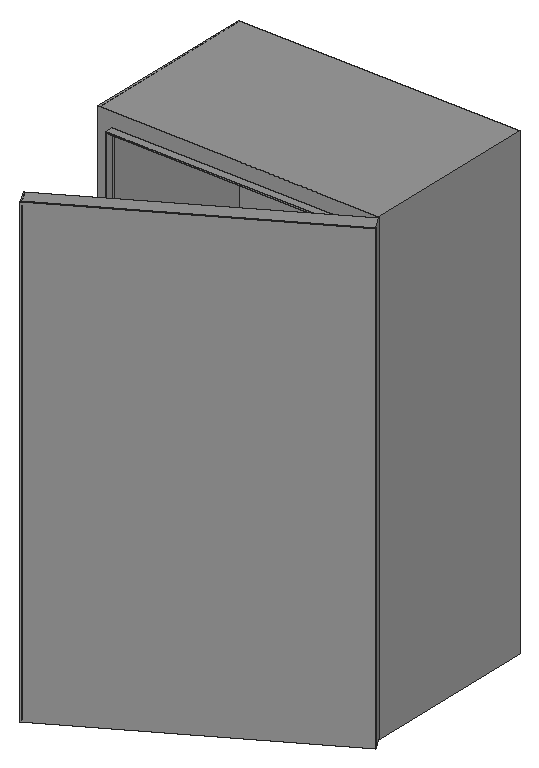
Revit family "Hager-Univers-IP44-D205-Cl.I-enclosure_metering-NoHosted-CH-de", category Equipement électrique, Revit 2020
Family settings
  Configuration du panneau = Deux colonnes, circuits au sein
  Cote de connecteur circulaire = Utiliser le diamètre
  Type d'élément = Tableau de raccordement
  Basée sur le plan de construction = Oui
  Toujours verticalement = Oui
  Couper avec des vides une fois chargée = Non
  Partagée = Non
  Point de calcul de pièce = Non
Parameters (values of type "Aufputz IP44 B300 H500 T205  - ZB011T")
  Width Control [instance] = if([EF000008 - Breite] > Min Width, [EF000008 - Breite], Min Width)  # 300 mm
  Commentaires du type = [HG000003 - Bereich]  # "Univers"
  Thickness Door [instance] = if([EF009171 - Materialstärke Tür/Deckel] > 3 mm, 3 mm, [EF009171 - Materialstärke Tür/Deckel])  # 1 mm
  Seal Frame Offset [instance] = 17 mm  # constant formula
  Plinth Visibility [instance] = [HG000027 - Sockelhöhe] > 0 mm  # no
  Min Width [instance] = 100 mm  # constant formula
  Min Depth [instance] = (2 * [EF009170 - Materialstärke Gehäuse]) + 1 mm  # 3 mm
  Min Height [instance] = 100 mm  # constant formula
  Internal Frame Depth [instance] = (Door System Depth * 0.5)  # 9 mm
  Panel Name [instance] = ""  # (empty or 0)
  Model = ""
  HG000027 - Sockelhöhe = 0 mm
  HG000026 - Stehend auf dem Boden = no
  HG000024 - Höhe des unteren Teils = 600 mm
  HG000023 - Gehäuse mit doppeltem Querschnitt = no
  HG000016 - 3D-Türsichtbarkeit [instance] = yes
  HG000015 - Sichtbarkeit der Türöffnung [instance] = no
  HG000014 - Tür rechts [instance] = yes
  HG000013 - Tür links [instance] = not([HG000014 - Tür rechts])  # no
  HG000012 - Türschwenkwinkel [instance] = 30.00°
  HG000010 - Asymmetrische Türen = no
  HG000009 - Doppelflügeligen Tür = no
  HG000006 - Unterputz = no
  HG000004 - Herstellerreferenz = "ZB011T"
  HG000003 - Bereich = "Univers"
  HG000002 - Mit tür = yes
  Frame Offset Bottom [instance] = 10 mm  # constant formula
  Frame Offset [instance] = 15 mm  # constant formula
  EF015940 - Deckel mit Überdruckentlastung = no
  EF011959 - Schutzart (NEMA) = ""
  EF009554 - Anzahl der Öffnungen für Flanschplatten = 0
  EF009212 - Ausführung Deckel = "EV000116 - geschlossen"
  EF009171 - Materialstärke Tür/Deckel = 1 mm
  EF009170 - Materialstärke Gehäuse = 1 mm
  EF008873 - Nennstrom (In) = 250 A
  EF007800 - Geeignet für Blitzschutz = no
  EF006306 - Mit Schloss = no
  EF006244 - Transparenter Deckel/Tür = no
  EF005474 - Schutzart (IP) = "EV006418 - IP44"
  EF004464 - Art der Tür = "EV002646 - Einzel"
  EF004427 - Anzahl der Module = 48
  EF004293 - Schlagfestigkeit = "EV006815 - IK09"
  EF003532 - Geeignet für Außengebrauch = no
  EF002950 - Breite in Teilungseinheiten = 0
  EF001613 - Funktionserhalt = "EV000494 - ohne"
  EF001596 - Werkstoff des Gehäuses = "EV000179 - Stahl"
  EF001131 - Innentiefe = 0 mm
  EF001088 - Anbaumöglichkeit = yes
  EF000437 - Anzahl der Leitungseinführungen = 0
  EF000339 - Art der Abdeckung = "EV004216 - Tür"
  EF000266 - Anzahl der Reihen = 4
  EF000218 - Einbautiefe = 0 mm
  EF000118 - Mit Montageplatte = no
  EF000116 - RAL-Nummer = "9010"
  EF000049 - Tiefe = 205 mm
  EF000040 - Höhe = 500 mm
  EF000008 - Breite = 300 mm
  EF000007 - Farbe = "EV000202 - weiß"
  EF000003 - Montageart = "EV000384 - Aufputz"
  Door System Leaf Tolerance [instance] = 1.5 mm  # constant formula
  Door System Depth [instance] = 18 mm  # constant formula
  Door Height [instance] = Height Control - [HG000027 - Sockelhöhe]  # 500 mm
  Description = ""
  Default Elevation = 1219.2 mm
  Connector Offset [instance] = Height Control / 2  # 250 mm
  Fabricant = "Hager"  # constant formula
  Height Control [instance] = if([EF000040 - Höhe] > Min Height, [EF000040 - Höhe], Min Height)  # 500 mm
  Depth Control [instance] = if([EF000049 - Tiefe] > Min Depth, [EF000049 - Tiefe], Min Depth)  # 205 mm
  Bottom Top Plate Trim [instance] = 1.5 mm  # constant formula
  Plinth height Ctrl [instance] = if([HG000027 - Sockelhöhe] > 0 mm, [HG000027 - Sockelhöhe], 12 mm)  # 12 mm
Types (3, lengths in mm): name | Width Control | HG000004 - Herstellerreferenz | EF004464 - Art der Tür | EF004427 - Anzahl der Module | EF000266 - Anzahl der Reihen | EF000008 - Breite
  Aufputz IP44 B1050 H500 T205  - ZB014T | 1050 | "ZB014T" | "EV003602 - Doppel" | 144 | 0 | 1050
  Aufputz IP44 B1300 H500 T205  - ZB015T | 1300 | "ZB015T" | "EV003602 - Doppel" | 180 | 0 | 1300
  Aufputz IP44 B300 H500 T205  - ZB011T | 300 | "ZB011T" | "EV002646 - Einzel" | 48 | 4 | 300
Reference planes
  plane 1 "Center (Front/Back)": y = 0
  plane 2: z = 0
  plane 3 "Center (Left/Right)": x = 0
  plane 4: y = 0
  plane 5: y = 0
  plane 6: z = 0
  plane 7: x = -150
  plane 8: x = 150
  plane 9: x = 149
  plane 10: x = -149
  plane 11: z = 0
  plane 12: z = 1
  plane 13: y = -205
  plane 14: y = -1
  plane 15: x = 0
  plane 16: y = -187
  plane 17: y = -204
  plane 18: y = -186
  plane 19: x = -134
  plane 20: x = 134
  plane 21: z = 11
  plane 22: x = -133
  plane 23: x = 133
  plane 24: z = 0
  plane 25: z = 500
  plane 26: z = 500
  plane 27: z = 484
  plane 28: z = 499
Forms (mm)
  Extrusion 1, solid, material "Hager_Steel_RAL7035_Light_Grey", detail levels medium+fine
    sketch origin (-208.679, -4572, 0) x (-1, 0, 0) y (0, -1, 0)
      loop
        line (-58.679, -4385) -> (-358.679, -4385) -> (-358.679, -4572) -> (-58.679, -4572) -> (-58.679, -4385)
    from 0 to 500
  Extrusion 2, void
    sketch origin (-350.771, -205, 1219.2) x (1, 0, 0) y (0, 0, 1)
      loop
        line (201.771, -720.2) -> (201.771, -1218.2) -> (499.771, -1218.2) -> (499.771, -720.2) -> (201.771, -720.2)
    from -19 to -204
  Extrusion 3, void
    sketch origin (-290.084, -187, 1219.2) x (1, 0, 0) y (0, 0, 1)
      loop
        line (156.084, -1208.2) -> (424.084, -1208.2) -> (424.084, -735.2) -> (156.084, -735.2) -> (156.084, -1208.2)
    from 0 to -1
  Extrusion 4, solid, material "Hager_Steel_RAL7035_Light_Grey", visible <- "Plinth Visibility", detail levels medium+fine
    sketch origin (0, 0, 0) x (1, 0, 0) y (0, 1, 0)
      loop
        line (-150, 0) -> (-150, -187) -> (150, -187) -> (150, 0) -> (-150, 0)
    from 0 to 12 <- "Plinth height Ctrl"
  Extrusion 5, solid, material "Hager_Steel_RAL7035_Light_Grey", detail levels coarse
    sketch origin (0, 0, 0) x (1, 0, 0) y (0, 1, 0)
      loop
        line (-150, 0) -> (-150, -205) -> (150, -205) -> (150, 0) -> (-150, 0)
    from 0 to 500 <- "Height Control"
  Sweep 6, void
    path in 3D
      loop
        line (-150, -187, 12) -> (150, -187, 12) -> (150, 0, 12) -> (-150, 0, 12) -> (-150, -187, 12)
    profile origin (-150, -93.5, 12) x (1, 0, 0) y (0, 0, 1)
      loop
        line (0, 0) -> (0, -1.5) -> (1.5, -1.5)
        arc (1.5, -1.5) -> (1.061, -0.439) -> (0, 0) r 1.5
  Extrusion 7, solid, material "Hager_Steel_RAL7035_Light_Grey", detail levels fine
    sketch origin (-150, -187, 0) x (1, 0, 0) y (0, 0, 1)
      loop
        line (16, 11) -> (284, 11) -> (284, 484) -> (16, 484) -> (16, 11)
      loop
        line (15, 10) -> (285, 10) -> (285, 485) -> (15, 485) -> (15, 10)
    from 0 to 9 <- "Internal Frame Depth"
Cuts and joins
  Extrusion 2, Extrusion 3 cuts Extrusion 1
  Sweep 6 cuts Extrusion 4
Lines and regions (mm)
  Masking region 1
    outline origin (0, 0, 0) x (1, 0, 0) y (0, 1, 0)
      loop
        line (-150, 0) -> (-150, -205) -> (150, -205) -> (150, 0) -> (-150, 0)
  Masking region 2, detail levels coarse
    outline origin (-290.084, -187, 1219.2) x (-1, 0, 0) y (0, 0, 1)
      loop
        line (-440.084, -1219.2) -> (-140.084, -1219.2) -> (-140.084, -719.2) -> (-440.084, -719.2) -> (-440.084, -1219.2)
  Masking region 3, detail levels coarse
    outline origin (0, 0, 0) x (0, 1, 0) y (0, 0, 1)
      loop
        line (0, 0) -> (0, 500) -> (-205, 500) -> (-205, 0) -> (0, 0)
  Masking region 4, visible <- "Plinth Visibility", detail levels medium+fine
    outline origin (0, 0, 0) x (0, 1, 0) y (0, 0, 1)
      loop
        line (-1.5, 12) -> (-185.5, 12)
        arc (-185.5, 12) -> (-185.939, 10.939) -> (-187, 10.5) r 1.5
        line (-187, 10.5) -> (-187, 0) -> (0, 0) -> (0, 10.5)
        arc (0, 10.5) -> (-1.061, 10.939) -> (-1.5, 12) r 1.5
  Masking region 5, detail levels medium+fine
    outline origin (0, 0, 594.038) x (0, 1, 0) y (0, 0, 1)
      loop
        line (0, -594.038) -> (0, -94.038) -> (-187, -94.038) -> (-187, -594.038) -> (0, -594.038)
  Masking region 6, detail levels medium+fine
    outline origin (-359.7, -187, 1211.883) x (-1, 0, 0) y (0, 0, 1)
      loop
        line (-509.7, -1211.883) -> (-209.7, -1211.883) -> (-209.7, -711.883) -> (-509.7, -711.883) -> (-509.7, -1211.883)
  Masking region 7, visible <- "Plinth Visibility", detail levels medium+fine
    outline origin (-320.334, -187, 1041.368) x (-1, 0, 0) y (0, 0, 1)
      loop
        line (-470.334, -1041.368) -> (-170.334, -1041.368) -> (-170.334, -1030.868)
        arc (-170.334, -1030.868) -> (-171.394, -1030.429) -> (-171.834, -1029.368) r 1.5
        line (-171.834, -1029.368) -> (-468.834, -1029.368)
        arc (-468.834, -1029.368) -> (-469.273, -1030.429) -> (-470.334, -1030.868) r 1.5
        line (-470.334, -1030.868) -> (-470.334, -1041.368)
  sketch lines
    curve 1: line (-150, 0, 12) -> (-150, -187, 12)
    curve 2: line (-150, -187, 12) -> (150, -187, 12)
    curve 3: line (150, 0, 12) -> (-150, 0, 12)
    curve 4: line (150, -187, 12) -> (150, 0, 12)
Dimensions and locks
  locked: plane 1 "Center (Front/Back)" to plane 5
  "EF009170 - Materialstärke Gehäuse": plane 7 to plane 10
  "EF009170 - Materialstärke Gehäuse": plane 8 to plane 9
  equal spacing: plane 7, plane 3 "Center (Left/Right)", plane 8
  "Width Control": plane 7 to plane 8
  "Depth Control": plane 4 to plane 13
  "EF009170 - Materialstärke Gehäuse": plane 4 to plane 14
  "Height Control": plane 25 to level
  "HG000027 - Sockelhöhe": plane 11 to level
  "EF009170 - Materialstärke Gehäuse": plane 12 to plane 11
  "EF009170 - Materialstärke Gehäuse": plane 17 to plane 13
  "EF009170 - Materialstärke Gehäuse": plane 18 to plane 16
  "Frame Offset Bottom": plane 21 to plane 12
  "Frame Offset": plane 10 to plane 19
  "Frame Offset": plane 9 to plane 20
  "Door System Depth": plane 16 to plane 13
  "Seal Frame Offset": plane 7 to plane 22
  "Seal Frame Offset": plane 8 to plane 23
  "EF009170 - Materialstärke Gehäuse": plane 26 to plane 28
  "Frame Offset": plane 28 to plane 27
  "Connector Offset": plane 2 to connector elem
  "Bottom Top Plate Trim": profile plane to Sweep 6 sketch curve
  "Bottom Top Plate Trim": Sweep 6 sketch curve to Sweep 6 sketch curve
  "Plinth height Ctrl": Masking region 4 sketch curve to level
  "Plinth height Ctrl": Masking region 7 sketch curve to level
  "Thickness Door": Extrusion 7 sketch curve to Extrusion 7 sketch curve  (x4)
  "Bottom Top Plate Trim": radius of Sweep 6 sketch curve
  "Bottom Top Plate Trim": radius of Masking region 4 sketch curve  (x2)
  "Bottom Top Plate Trim": radius of Masking region 7 sketch curve  (x2)
  aligned and locked: plane 12 to Extrusion 2 sketch curve
  aligned and locked: Extrusion 2 sketch curve to plane 9
  aligned and locked: Extrusion 2 sketch curve to plane 10
  aligned and locked: plane 14 to Extrusion 2
  aligned and locked: plane 4 to Extrusion 1 sketch curve
  aligned and locked: plane 8 to Extrusion 1 sketch curve
  aligned and locked: plane 7 to Extrusion 1 sketch curve
  aligned and locked: Extrusion 2 to plane 18
  aligned and locked: plane 19 to Extrusion 3 sketch curve
  aligned and locked: plane 20 to Extrusion 3 sketch curve
  aligned and locked: Extrusion 3 to Extrusion 2
  aligned and locked: Extrusion 3 sketch curve to plane 21
  aligned and locked: plane 3 "Center (Left/Right)" to nested 1
  aligned and locked: Extrusion 1 sketch curve to plane 16
  aligned and locked: Extrusion 4 sketch curve to cut or joined group of Extrusion 1, Extrusion 2, Extrusion 3
  aligned and locked: Masking region 1 sketch curve to plane 7
  aligned and locked: Masking region 1 sketch curve to plane 5
  aligned and locked: Masking region 1 sketch curve to plane 8
  aligned and locked: Masking region 2 sketch curve to level
  aligned and locked: level to Masking region 3 sketch curve
  aligned and locked: plane 1 "Center (Front/Back)" to Masking region 3 sketch curve
  aligned and locked: plane 13 to Masking region 3 sketch curve
  aligned and locked: plane 5 to Masking region 4 sketch curve
  aligned and locked: Masking region 2 sketch curve to plane 8
  aligned and locked: Masking region 2 sketch curve to plane 7
  aligned and locked: plane 7 to nested 2
  aligned and locked: nested 2 to plane 5
  aligned and locked: plane 5 to Masking region 5 sketch curve
  aligned and locked: plane 26 to Masking region 5 sketch curve
  aligned and locked: Extrusion 5 sketch curve to plane 8
  aligned and locked: Extrusion 5 sketch curve to plane 7
  aligned and locked: Extrusion 5 sketch curve to plane 5
  aligned and locked: plane 27 to Extrusion 3 sketch curve
  aligned and locked: Extrusion 2 sketch curve to plane 28
  aligned and locked: Masking region 2 to plane 25
  aligned and locked: Extrusion 4 to plane 16
  aligned and locked: profile plane to Sweep 6 sketch curve
  aligned and locked: Masking region 5 sketch curve to plane 24
  aligned and locked: level to Masking region 4 sketch curve
  aligned and locked: Masking region 1 to plane 13
  aligned and locked: nested 1 to plane 16
  aligned and locked: Masking region 3 to plane 25
  aligned and locked: plane 16 to Masking region 4 sketch curve
  aligned and locked: Masking region 5 sketch curve to plane 16
  aligned and locked: plane 24 to plane 11
  aligned and locked: plane 26 to plane 25
  aligned and locked: plane 26 to cut or joined group of Extrusion 1, Extrusion 2, Extrusion 3
  aligned and locked: nested 1 to plane 24
  aligned and locked: Extrusion 1 to Extrusion 3
  aligned and locked: Masking region 6 sketch curve to plane 8
  aligned and locked: plane 24 to Masking region 6 sketch curve
  aligned and locked: Masking region 6 sketch curve to plane 7
  aligned and locked: Masking region 6 sketch curve to plane 26
  aligned and locked: Masking region 7 sketch curve to plane 7
  aligned and locked: level to Masking region 7 sketch curve
  aligned and locked: Masking region 7 sketch curve to plane 8
  aligned and locked: Extrusion 7 sketch curve to cut or joined group of Extrusion 1, Extrusion 2, Extrusion 3  (x4)
Automatic sketch dimensions
  plane 19 to Extrusion 3 sketch curve = 0 mm
  Extrusion 3 sketch curve to plane 20 = 0 mm
  Extrusion 3 sketch curve to plane 21 = 0 mm
  Extrusion 4 sketch curve to plane 7 = 0 mm
  Extrusion 4 sketch curve to plane 8 = 0 mm
  Extrusion 4 sketch curve to plane 16 = 0 mm
  Masking region 1 sketch curve to plane 13 = 0 mm
  Masking region 2 sketch curve to plane 25 = 0 mm
  Masking region 3 sketch curve to plane 25 = 0 mm
  Extrusion 5 sketch curve to plane 13 = 0 mm
  profile plane to Sweep 6 sketch curve = 0 mm
Nested families
  nested 1: "EC000058_Univers_Door" at (0, -187, 0), Double <- "HG000009 - Doppelflügeligen Tür", Transparent <- "EF006244 - Transparenter Deckel/Tür", Angle <- "HG000012 - Türschwenkwinkel", Door_Right <- "HG000014 - Tür rechts", Assymetrical <- "HG000010 - Asymmetrische Türen", Door <- "HG000002 - Mit tür", Width_Ctrl <- "Width Control", 3d_Door <- "HG000016 - 3D-Türsichtbarkeit", Clearance <- "HG000015 - Sichtbarkeit der Türöffnung", Door_Left <- "HG000013 - Tür links", Width <- "Width Control", Door_Depth <- "Door System Depth", Leaf_Tolerance <- "Door System Leaf Tolerance", Height <- "Door Height", Lock_Visibility <- "EF006306 - Mit Schloss", Thickness <- "Thickness Door", type "EC000058_Univers_Door", detail levels medium+fine
    with min_wh 3 mm, Width_Ctrl 300 mm, Width 300 mm, Transparent no, Thickness 1 mm, Seal_Material Hager_Rubber, Lock_Visibility no, Lock_Material Hager_Plastic_RAL9005_Jet_Black, Leaf_Width 300 mm, Leaf_Tolerance_External_Sides 0 mm, Leaf_Tolerance 1.5 mm, Leaf_Offset 0 mm, Leaf_Height 497 mm, Leaf_2_Width 300 mm, Leaf_2_Offset 150 mm, Leaf_1_Width 300 mm, Leaf_1_Offset 150 mm, Height_Ctrl 500 mm, Height 500 mm, Glass_Material Hager_Glass, Double_Clearance_Ctrl no, Double no, Door_Right_Ctrl yes, Door_Right yes, Door_Material Hager_Steel_RAL7035_Light_Grey, Door_Left_Ctrl no, Door_Left no, Door_Depth 18 mm, Door yes, Clearance_Material Hager_Clearance, Clearance_Depth 300 mm, Clearance_Ctrl no, Clearance no, Assymetrical no, Angle 30.00°, 3d_Door yes
  nested 2: "Hager_Enclosure_Symbol" at (-150, 0, 0), Height <- "Depth Control", Width <- "Width Control", type "Hager_Enclosure_Symbol"
    with Width_Ctrl 300 mm, Width 300 mm, Height_Ctrl 205 mm, Height 205 mm, A_Width_Int 13.453 mm, A_Width 161.438 mm, A_Height_Ctrl 179.375 mm, A_Height 179.375 mm
Connectors
  electrical at (0, 0, 250)
    settings: on plane 1 "Center (Front/Back)", index 1, voltage 0 V, apparent load 0 VA, apparent load phase1 0 VA, apparent load phase2 0 VA, apparent load phase3 0 VA, power factor 1, load classification "Other", number of poles 1, system type 30, power factor state 1, is connector primary yes, connector utility no, sub classification motor no, connector description ""
Definition of nested family "EC000058_Univers_Door"
  Parameters (values of type "EC000058_Univers_Door")
    min_wh [instance] = (2 * Thickness) + 1 mm  # 11 mm
    Width_Ctrl [instance] = 400 mm
    Width [instance] = 500 mm
    Transparent [instance] = yes
    Thickness [instance] = 5 mm
    Seal_Material [instance] = none
    Lock_Visibility [instance] = yes
    Lock_Material [instance] = none
    Leaf_Width [instance] = if((Width_Ctrl - 2 * Leaf_Tolerance_External_Sides) > 0 mm, (Width_Ctrl - 2 * Leaf_Tolerance_External_Sides), min_wh)  # 400 mm
    Leaf_Tolerance_External_Sides [instance] = 0 mm  # constant formula
    Leaf_Tolerance [instance] = 1.5 mm
    Leaf_Offset [instance] = 0 mm  # constant formula
    Leaf_Height [instance] = if((Height_Ctrl - 2 * Leaf_Tolerance) > 0 mm, (Height_Ctrl - 2 * Leaf_Tolerance), min_wh)  # 497 mm
    Leaf_2_Width [instance] = if(and(and(Double, Assymetrical), Door_Left), (Leaf_Width / 3) - (Leaf_Tolerance / 2), if(and(and(Double, Assymetrical), Door_Right), (Leaf_Width / 3) * 2 - (Leaf_Tolerance / 2), if(and(Double, not(Assymetrical)), (Leaf_Width / 2) - Leaf_Tolerance, Leaf_Width)))  # 400 mm
    Leaf_2_Offset [instance] = if(and(Double, Assymetrical), Leaf_2_Width / 2, if(and(Double, not(Assymetrical)), Leaf_Width / 4, Leaf_Width / 2))  # 200 mm
    Leaf_1_Width [instance] = if(and(and(Double, Assymetrical), Door_Right), (Leaf_Width / 3) - (Leaf_Tolerance / 2), if(and(and(Double, Assymetrical), Door_Left), (Width / 3) * 2 - (Leaf_Tolerance / 2), if(and(Double, not(Assymetrical)), (Leaf_Width / 2) - Leaf_Tolerance, Leaf_Width)))  # 400 mm
    Leaf_1_Offset [instance] = if(and(Double, Assymetrical), Leaf_1_Width / 2, if(and(Double, not(Assymetrical)), Leaf_Width / 4, Leaf_Width / 2))  # 200 mm
    Height_Ctrl [instance] = if(Height > min_wh, Height, min_wh)  # 500 mm
    Height [instance] = 500 mm
    Glass_Material [instance] = none
    Double_Clearance_Ctrl [instance] = and(Double, Clearance)  # no
    Double [instance] = no
    Door_Right_Ctrl [instance] = and(or(Door_Right, Double), Door)  # yes
    Door_Right [instance] = yes
    Door_Material [instance] = none
    Door_Left_Ctrl [instance] = and(or(Door_Left, Double), Door)  # no
    Door_Left [instance] = no
    Door_Depth [instance] = 30 mm
    Door [instance] = yes
    Default Elevation = 1219.2 mm
    Clearance_Material [instance] = none
    Clearance_Depth [instance] = if(Leaf_1_Width > Leaf_2_Width, Leaf_1_Width, Leaf_2_Width)  # 400 mm
    Clearance_Ctrl [instance] = and(not(Double), Clearance)  # yes
    Clearance [instance] = yes
    Assymetrical [instance] = yes
    Angle [instance] = 30.00°
    3d_Door [instance] = yes
  Reference planes
    plane 1 "Center (Front/Back)": y = 0
    plane 2 "Bottom": z = 0
    plane 3 "Center (Left/Right)": x = 0
    plane 4: z = 500
    plane 5: x = -200
    plane 6: x = 200
    plane 7: z = 500
    plane 8: x = -200
    plane 9: z = 0
    plane 10: x = 200
    plane 11: y = 0
    plane 12: z = 1.5
    plane 13: x = -600
    plane 14: y = -400
    plane 15: x = 600
    plane 16: x = 0
    plane 17: x = 0
    plane 18: x = -200
    plane 19: x = 200
    plane 20: z = 498.5
  Forms (mm)
    Extrusion 1, solid, material <- "Clearance_Material", visible <- "Double_Clearance_Ctrl"
      sketch origin (1200, 0, 0) x (1, 0, 0) y (0, 0, -1)
        loop
          line (-1800, -498.5) -> (-600, -498.5) -> (-600, 0) -> (-1800, 0) -> (-1800, -498.5)
      from 0 to -400
  Dimensions and locks
    equal spacing: plane 5, plane 3 "Center (Left/Right)", plane 6
    "Width_Ctrl": plane 5 to plane 6
    "Leaf_Offset": plane 5 to plane 8
    "Leaf_Offset": plane 6 to plane 10
    "Leaf_Offset": plane 9 to level
    "Leaf_Offset": plane 4 to plane 7
    "Height_Ctrl": plane 4 to level
    "Leaf_Tolerance": plane 12 to plane 9
    locked: plane 11 to plane 1 "Center (Front/Back)"
    "Leaf_1_Offset": plane 18 to plane 16
    "Leaf_2_Offset": plane 17 to plane 19
    "Leaf_1_Width": plane 13 to plane 8
    "Leaf_2_Width": plane 10 to plane 15
    "Clearance_Depth": plane 14 to plane 1 "Center (Front/Back)"
    "Leaf_Tolerance_External_Sides": plane 8 to plane 18
    "Leaf_Tolerance_External_Sides": plane 19 to plane 10
    "Leaf_Tolerance": plane 7 to plane 20
    aligned and locked: level to plane 2 "Bottom"
    aligned and locked: nested 1 to plane 16
    aligned and locked: nested 2 to plane 17
    aligned and locked: Extrusion 1 to plane 13
    aligned and locked: plane 15 to Extrusion 1
    aligned and locked: Extrusion 1 to plane 14
    aligned and locked: plane 12 to nested 1
    aligned and locked: nested 2 to plane 12
    aligned and locked: Extrusion 1 to plane 11
    aligned and locked: plane 20 to Extrusion 1
    aligned and locked: nested 2 to plane 11
    aligned and locked: nested 1 to plane 11
  Automatic sketch dimensions
    Extrusion 1 sketch curve to level = 0 mm
    plane 5 to Extrusion 1 sketch curve = 400 mm
    plane 6 to Extrusion 1 sketch curve = 400 mm
    Extrusion 1 sketch curve to plane 4 = 1.5 mm
  Nested families
    nested 1: "EC000058_Univers_Door_Leaf" at (0, 0, 1.5), Width <- "Leaf_1_Width", visible <- "Door_Left_Ctrl", Leaf_Height <- "Leaf_Height", Angle <- "Angle", 3d_Door <- "3d_Door", Transparent <- "Transparent", Clearance Material <- "Clearance_Material", Clearance <- "Clearance_Ctrl", Door_Material <- "Door_Material", Glass_Material <- "Glass_Material", Door_Depth <- "Door_Depth", Lock_Material <- "Lock_Material", Seal_Material <- "Seal_Material", Lock_Visibility <- "Lock_Visibility", Thickness <- "Thickness", type "EC000058_Univers_Door_Leaf"
      with Width 400 mm, Transparent_Glass_Offset 30 mm, Transparent_Ctrl yes, Transparent yes, Thickness 5 mm, Standard no, Seal_Material none, Seal_D2 8 mm, Seal_D1 1 mm, Offset_Internal_Frame 10 mm, Lock_Width 20 mm, Lock_Visibility_3d yes, Lock_Visibility yes, Lock_Thickness_3 3 mm, Lock_Thickness_2 1 mm, Lock_Thickness_1 3 mm, Lock_Radius_Offset_2 16 mm, Lock_Radius_Offset_1 15 mm, Lock_Radius_2 5 mm, Lock_Radius 6 mm, Lock_Offset 5 mm, Lock_Material none, Lock_Height 80 mm, Lock_Cover_Top_Offset_2d 17 mm, Lock_Cover_Height -65 mm, Leaf_Height 497 mm, Internal_Seal_Thickness 8 mm, Internal_Seal_Depth_2 4.5 mm, Internal_Frame_Depth 25 mm, Glass_Thickness -1 mm, Glass_Offset -2 mm, Glass_Material none, Door_Material none, Door_Depth 30 mm, Clearance Material none, Clearance yes, Angle_Ctrl 30.00°, Angle 30.00°, 3d_Door yes
    nested 2: "EC000058_Univers_Door_Leaf" at (0, 0, 1.5) x (-1, 0, 0) z (0, 0, 1), Width <- "Leaf_2_Width", visible <- "Door_Right_Ctrl", Leaf_Height <- "Leaf_Height", Angle <- "Angle", 3d_Door <- "3d_Door", Transparent <- "Transparent", Clearance Material <- "Clearance_Material", Clearance <- "Clearance_Ctrl", Door_Material <- "Door_Material", Glass_Material <- "Glass_Material", Door_Depth <- "Door_Depth", Lock_Material <- "Lock_Material", Seal_Material <- "Seal_Material", Lock_Visibility <- "Lock_Visibility", Thickness <- "Thickness", type "EC000058_Univers_Door_Leaf"
      with Width 400 mm, Transparent_Glass_Offset 30 mm, Transparent_Ctrl yes, Transparent yes, Thickness 5 mm, Standard no, Seal_Material none, Seal_D2 8 mm, Seal_D1 1 mm, Offset_Internal_Frame 10 mm, Lock_Width 20 mm, Lock_Visibility_3d yes, Lock_Visibility yes, Lock_Thickness_3 3 mm, Lock_Thickness_2 1 mm, Lock_Thickness_1 3 mm, Lock_Radius_Offset_2 16 mm, Lock_Radius_Offset_1 15 mm, Lock_Radius_2 5 mm, Lock_Radius 6 mm, Lock_Offset 5 mm, Lock_Material none, Lock_Height 80 mm, Lock_Cover_Top_Offset_2d 17 mm, Lock_Cover_Height -65 mm, Leaf_Height 497 mm, Internal_Seal_Thickness 8 mm, Internal_Seal_Depth_2 4.5 mm, Internal_Frame_Depth 25 mm, Glass_Thickness -1 mm, Glass_Offset -2 mm, Glass_Material none, Door_Material none, Door_Depth 30 mm, Clearance Material none, Clearance yes, Angle_Ctrl 30.00°, Angle 30.00°, 3d_Door yes
  Definition of nested family "EC000058_Univers_Door_Leaf"
    Parameters (values of type "EC000058_Univers_Door_Leaf")
      Width [instance] = 2000 mm
      Transparent_Glass_Offset [instance] = 30 mm
      Transparent_Ctrl [instance] = and(Transparent, [3d_Door])  # yes
      Transparent [instance] = yes
      Thickness [instance] = 5 mm
      Standard [instance] = and(not(Transparent), [3d_Door])  # no
      Seal_Material [instance] = none
      Seal_D2 [instance] = 8 mm  # constant formula
      Seal_D1 [instance] = 1 mm  # constant formula
      Offset_Internal_Frame [instance] = 10 mm  # constant formula
      Lock_Width [instance] = 20 mm  # constant formula
      Lock_Visibility_3d [instance] = and(Lock_Visibility, [3d_Door])  # yes
      Lock_Visibility [instance] = yes
      Lock_Thickness_3 [instance] = 3 mm  # constant formula
      Lock_Thickness_2 [instance] = 1 mm  # constant formula
      Lock_Thickness_1 [instance] = 3 mm  # constant formula
      Lock_Radius_Offset_2 [instance] = Lock_Radius_Offset_1 + 1 mm  # 16 mm
      Lock_Radius_Offset_1 [instance] = 15 mm  # constant formula
      Lock_Radius_2 [instance] = Lock_Radius - 1 mm  # 5 mm
      Lock_Radius [instance] = 6 mm  # constant formula
      Lock_Offset [instance] = 5 mm  # constant formula
      Lock_Material [instance] = none
      Lock_Height [instance] = 80 mm  # constant formula
      Lock_Cover_Top_Offset_2d [instance] = Lock_Radius_Offset_2 + 1 mm  # 17 mm
      Lock_Cover_Height [instance] = -(Lock_Height - Lock_Radius_Offset_1)  # -65 mm
      Leaf_Height [instance] = 2720.336 mm
      Internal_Seal_Thickness [instance] = 8 mm  # constant formula
      Internal_Seal_Depth_2 [instance] = 4.5 mm  # constant formula
      Internal_Frame_Depth [instance] = if(Door_Depth - Thickness > 5 mm, Door_Depth - Thickness, 5 mm)  # 25 mm
      Glass_Thickness [instance] = if(Thickness > 15 mm, Glass_Offset + 10 mm, -1 mm)  # -1 mm
      Glass_Offset [instance] = if(Thickness > 15 mm, -(Thickness + 10 mm) / 2, -2 mm)  # -2 mm
      Glass_Material [instance] = none
      Door_Material [instance] = none
      Door_Depth [instance] = 30 mm
      Default Elevation = 0 mm
      Clearance Material [instance] = none
      Clearance [instance] = yes
      Angle_Ctrl [instance] = if(Angle > 180.00°, 180.00°, Angle)  # 90.00°
      Angle [instance] = 90.00°
      3d_Door [instance] = yes
    Reference planes
      plane 1 "Center (Front/Back)": y = 0
      plane 2: z = 0
      plane 3 "Center (Left/Right)": x = 0
      plane 4: y = 2000
      plane 5: x = -1000
      plane 6: x = 1000
      plane 7: x = -3000
      plane 8: z = 2720.336
      plane 9: z = 30
      plane 10: z = 2690.336
      plane 11: x = 970
      plane 12: x = -970
      plane 13: y = -3
      plane 14: z = 107.833
      plane 15: y = -5
      plane 16: y = -223.314
      plane 17: x = -1000
      plane 18: z = 1360.168
      plane 19: y = 30
    Forms (mm)
      Extrusion 1, solid, material <- "Clearance Material", visible <- "Clearance"
        sketch origin (0, 0, 0) x (1, 0, 0) y (0, 0, 1)
          loop
            line (-3000, 2720.336) -> (-3000, 0) -> (1000, 0) -> (1000, 2720.336) -> (-3000, 2720.336)
        from 0 to -2000
      Extrusion 2, solid, material <- "Door_Material", visible <- "Standard", detail levels medium+fine
        sketch origin (-1000, 0, 0) x (0, 1, 0) y (-1, 0, 0)
          loop
            line (0, 30) -> (0, 25) -> (2000, 25) -> (2000, 30) -> (0, 30)
        from 0 to 2720.336 <- "Leaf_Height"
      Extrusion 3, solid, material <- "Door_Material", visible <- "Transparent_Ctrl", detail levels medium+fine
        sketch origin (-1000, 0, 0) x (0, 1, 0) y (-1, 0, 0)
          loop
            line (0, 25) -> (2000, 25) -> (2000, 30) -> (0, 30) -> (0, 25)
        from 0 to 2720.336 <- "Leaf_Height"
      Extrusion 4, void
        sketch origin (-1025, 2000, 0) x (0, 1, 0) y (0, 0, -1)
          loop
            line (-30, -2690.336) -> (-30, -30) -> (-1970, -30) -> (-1970, -2690.336) -> (-30, -2690.336)
        from 0 to 5 <- "Thickness"
      Sweep 5, solid, material <- "Seal_Material", visible <- "Transparent_Ctrl", detail levels fine
        path in 3D
          loop
            line (-1025, 30, 30) -> (-1025, 30, 2690.336) -> (-1025, 1970, 2690.336) -> (-1025, 1970, 30) -> (-1025, 30, 30)
        profile origin (-1025, 1000, 30) x (1, 0, 0) y (0, 0, 1)
          loop
            line (0, 0) -> (0, -8) -> (1, -8) -> (1, 0) -> (0, 0)
      Extrusion 6, solid, material <- "Glass_Material", visible <- "Transparent_Ctrl", detail levels medium+fine
        sketch origin (-1030, 0, 0) x (0, 1, 0) y (0, 0, -1)
          loop
            line (1970, -2690.336) -> (1970, -30) -> (30, -30) -> (30, -2690.336) -> (1970, -2690.336)
        from -2 <- "Glass_Offset" to -1 <- "Glass_Thickness"
      Extrusion 7, solid, material <- "Door_Material", visible <- "3d_Door", detail levels medium+fine
        sketch origin (-1025, 2000, 0) x (0, -1, 0) y (0, 0, -1)
          loop
            line (0, -2720.336) -> (2000, -2720.336) -> (2000, 0) -> (0, 0) -> (0, -2720.336)
          loop
            line (1995, -5) -> (5, -5) -> (5, -2715.336) -> (1995, -2715.336) -> (1995, -5)
        from 0 to 25 <- "Internal_Frame_Depth"
      Sweep 8, solid, material <- "Seal_Material", visible <- "Transparent_Ctrl", detail levels fine
        path in 3D
          loop
            line (-1025, 0, 0) -> (-1025, 2000, 0) -> (-1025, 2000, 2720.336) -> (-1025, 0, 2720.336) -> (-1025, 0, 0)
        profile origin (-1025, 0, 1360.168) x (1, 0, 0) y (0, 1, 0)
          loop
            line (0, 10) -> (2.975, 10)
            arc (2.975, 10) -> (4.053, 10.447) -> (4.5, 11.525) r 1.525
            line (4.5, 11.525) -> (4.5, 16.527)
            arc (4.5, 16.527) -> (4.069, 17.569) -> (3.027, 18) r 1.473
            line (3.027, 18) -> (0, 18) -> (0, 10)
      Extrusion 9, solid, material <- "Lock_Material", visible <- "Lock_Visibility_3d", detail levels fine
        sketch origin (-1030, 0, 0) x (0, 1, 0) y (0, 0, -1)
          loop
            arc (1993.5, -1400.168) -> (1994.561, -1399.729) -> (1995, -1398.668) r 1.5
            line (1995, -1398.668) -> (1995, -1320.168) -> (1975, -1320.168) -> (1975, -1398.668)
            arc (1975, -1398.668) -> (1975.439, -1399.729) -> (1976.5, -1400.168) r 1.5
            line (1976.5, -1400.168) -> (1993.5, -1400.168)
        from 3 <- "Lock_Thickness_1" to 0
      Blend 10, solid, material <- "Lock_Material", visible <- "Lock_Visibility_3d", detail levels fine
        base sketch origin (-1033, 0, 0) x (0, 1, 0) y (0, 0, -1)
          loop
            line (1975, -1320.168) -> (1975, -1398.668)
            arc (1975, -1398.668) -> (1975.439, -1399.729) -> (1976.5, -1400.168) r 1.5
            line (1976.5, -1400.168) -> (1993.5, -1400.168)
            arc (1993.5, -1400.168) -> (1994.561, -1399.729) -> (1995, -1398.668) r 1.5
            line (1995, -1398.668) -> (1995, -1320.168) -> (1975, -1320.168)
        top sketch origin (-1033, 0, 0) x (0, 1, 0) y (0, 0, -1)
          loop
            line (1976, -1320.168) -> (1976, -1398.668)
            arc (1976, -1398.668) -> (1976.146, -1399.022) -> (1976.5, -1399.168) r 0.5
            line (1976.5, -1399.168) -> (1993.5, -1399.168)
            arc (1993.5, -1399.168) -> (1993.854, -1399.022) -> (1994, -1398.668) r 0.5
            line (1994, -1398.668) -> (1994, -1320.168) -> (1976, -1320.168)
        from 0 to 1 <- "Lock_Thickness_2"
      Blend 11, solid, material <- "Lock_Material", visible <- "Lock_Visibility_3d", detail levels fine
        base sketch origin (-1034, 0, 0) x (0, 1, 0) y (0, 0, -1)
          loop
            line (1978, -1320.168) -> (1978, -1384.168)
            arc (1978, -1384.168) -> (1985, -1391.168) -> (1992, -1384.168) r 7
            line (1992, -1384.168) -> (1992, -1320.168) -> (1978, -1320.168)
        top sketch origin (-1034, 0, 0) x (0, 1, 0) y (0, 0, -1)
          loop
            line (1991, -1320.168) -> (1979, -1320.168) -> (1979, -1383.168)
            arc (1979, -1383.168) -> (1985, -1389.168) -> (1991, -1383.168) r 6
            line (1991, -1383.168) -> (1991, -1320.168)
        from 0 to 3 <- "Lock_Thickness_3"
      Extrusion 12, solid, material <- "Lock_Material", visible <- "Lock_Visibility_3d", detail levels fine
        sketch origin (-1030, 1975, 1320.168) x (1, 0, 0) y (0, -1, 0)
          loop
            line (-7, -19) -> (-7, -1) -> (0, -1) -> (0, 0) -> (-8, 0) -> (-8, -20) -> (0, -20) -> (0, -19) -> (-7, -19)
        from 0 to -65 <- "Lock_Cover_Height"
      Extrusion 13, void
        sketch origin (-1038, 1995, 1320.168) x (-1, 0, 0) y (0, 0, -1)
          loop
            line (-5, -65) -> (0, -65) -> (-5, -60) -> (-5, -65)
        from 0 to 20 <- "Lock_Width"
      Extrusion 14, void
        sketch origin (-1038, 1975, 1320.168) x (0, -1, 0) y (0, 0, -1)
          loop
            circle (-10, -15.995) r 6
          loop
            circle (-10, -15.995) r 5
        from 0 to 2
      Extrusion 15, solid, material <- "Lock_Material", visible <- "Lock_Visibility_3d", detail levels medium
        sketch origin (-1030, 0, 0) x (0, 1, 0) y (0, 0, -1)
          loop
            arc (1993.5, -1400.168) -> (1994.561, -1399.729) -> (1995, -1398.668) r 1.5
            line (1995, -1398.668) -> (1995, -1320.168) -> (1975, -1320.168) -> (1975, -1398.668)
            arc (1975, -1398.668) -> (1975.439, -1399.729) -> (1976.5, -1400.168) r 1.5
            line (1976.5, -1400.168) -> (1993.5, -1400.168)
        from 8 to 0
    Cuts and joins
      Extrusion 4 cuts Extrusion 3
      Extrusion 13, Extrusion 14 cuts Extrusion 9
      Extrusion 14 cuts Blend 11
      Extrusion 13, Extrusion 14 cuts Extrusion 12
      joined: Extrusion 9, Blend 10, Blend 11, Extrusion 12
      Extrusion 14 cuts Extrusion 15
    Lines and regions (mm)
      Masking region 1, visible <- "Lock_Visibility", detail levels fine
        outline origin (0, 0, 0) x (0, 1, 0) y (0, 0, 1)
          loop
            line (30, 1320.168) -> (33, 1320.168) -> (33, 1400.168) -> (30, 1400.168) -> (30, 1320.168)
      Masking region 2, visible <- "Lock_Visibility", detail levels fine
        outline origin (0, 3.143, 0) x (0, 1, 0) y (0, 0, 1)
          loop
            line (29.857, 1354.168) -> (30.857, 1354.168) -> (30.857, 1366.168) -> (29.857, 1366.168) -> (29.857, 1354.168)
      Masking region 3, detail levels medium+fine
        outline origin (0, 0, 0) x (0, 1, 0) y (0, 0, 1)
          loop
            line (0, 0) -> (30, 0) -> (30, 2720.336) -> (0, 2720.336) -> (0, 0)
      Masking region 4, detail levels medium+fine
        outline origin (0, 0, 0) x (1, 0, 0) y (0, 0, 1)
          loop
            line (-1000, 2720.336) -> (-1000, 0) -> (1000, 0) -> (1000, 2720.336) -> (-1000, 2720.336)
      Masking region 5, visible <- "Lock_Visibility", detail levels fine
        outline origin (-47.116, 0, 0) x (1, 0, 0) y (0, 0, 1)
          loop
            arc (1024.616, 1399.168) -> (1023.556, 1398.729) -> (1023.116, 1397.668) r 1.5
            line (1023.116, 1397.668) -> (1023.116, 1320.168) -> (1041.116, 1320.168) -> (1041.116, 1397.668)
            arc (1041.116, 1397.668) -> (1040.677, 1398.729) -> (1039.616, 1399.168) r 1.5
            line (1039.616, 1399.168) -> (1024.616, 1399.168)
      Masking region 6, visible <- "Lock_Visibility", detail levels medium+fine
        outline origin (-25, 0, 0) x (1, 0, 0) y (0, 0, 1)
          loop
            arc (1001.5, 1400.168) -> (1000.439, 1399.729) -> (1000, 1398.668) r 1.5
            line (1000, 1398.668) -> (1000, 1320.168) -> (1020, 1320.168) -> (1020, 1398.668)
            arc (1020, 1398.668) -> (1019.561, 1399.729) -> (1018.5, 1400.168) r 1.5
            line (1018.5, 1400.168) -> (1001.5, 1400.168)
      Masking region 7, visible <- "Lock_Visibility", detail levels fine
        outline origin (-73.735, 0, 0) x (1, 0, 0) y (0, 0, 1)
          loop
            line (1051.735, 1382.168) -> (1065.735, 1382.168) -> (1065.735, 1384.168)
            arc (1065.735, 1384.168) -> (1058.735, 1391.168) -> (1051.735, 1384.168) r 7
            line (1051.735, 1384.168) -> (1051.735, 1382.168)
      Masking region 8, visible <- "Lock_Visibility", detail levels fine
        outline origin (-73.735, 0, 0) x (1, 0, 0) y (0, 0, 1)
          loop
            line (1052.735, 1382.168) -> (1064.735, 1382.168) -> (1064.735, 1383.168)
            arc (1064.735, 1383.168) -> (1058.735, 1389.168) -> (1052.735, 1383.168) r 6
            line (1052.735, 1383.168) -> (1052.735, 1382.168)
      Masking region 9, visible <- "Lock_Visibility", detail levels fine
        outline origin (-25, 0, 0) x (1, 0, 0) y (0, 0, 1)
          loop
            line (1020, 1320.168) -> (1020, 1382.168) -> (1000, 1382.168) -> (1000, 1320.168) -> (1020, 1320.168)
      Masking region 10, detail levels medium+fine
        outline origin (0, 0, 0) x (1, 0, 0) y (0, 0, 1)
          loop
            circle (985, 1335.144) r 6
      Masking region 11, detail levels fine
        outline origin (0, 0, 0) x (1, 0, 0) y (0, 0, 1)
          loop
            circle (985, 1335.144) r 5
      Masking region 12, visible <- "Lock_Visibility", detail levels fine
        outline origin (0, 12.767, 0) x (0, 1, 0) y (0, 0, 1)
          loop
            line (20.233, 1320.168) -> (21.233, 1320.168) -> (21.233, 1399.168) -> (20.233, 1400.168) -> (20.233, 1320.168)
      Masking region 13, visible <- "Lock_Visibility", detail levels fine
        outline origin (0, 13.767, -10) x (0, 1, 0) y (0, 0, 1)
          loop
            line (20.233, 1330.168) -> (23.233, 1330.168) -> (23.233, 1399.168) -> (20.233, 1402.168) -> (20.233, 1330.168)
      Masking region 14, visible <- "Lock_Visibility", detail levels fine
        outline origin (0, 12.767, -10) x (0, 1, 0) y (0, 0, 1)
          loop
            line (20.233, 1330.168) -> (25.233, 1330.168) -> (25.233, 1399.305) -> (20.233, 1394.305) -> (20.233, 1330.168)
      Masking region 15, visible <- "Lock_Visibility", detail levels medium
        outline origin (0, 0, 0) x (0, 1, 0) y (0, 0, 1)
          loop
            line (30, 1320.168) -> (38, 1320.168) -> (38, 1400.168) -> (30, 1400.168) -> (30, 1320.168)
      Masking region 16, visible <- "Lock_Visibility", detail levels fine
        outline origin (-1000, 0, 0) x (0, 1, 0) y (-1, 0, 0)
          loop
            line (1975, 30) -> (1995, 30) -> (1995, 38) -> (1975, 38) -> (1975, 30)
          loop
            line (1979, 37) -> (1976, 37) -> (1976, 34) -> (1978, 34) -> (1979, 37)
          loop
            line (1994, 37) -> (1991, 37) -> (1992, 34) -> (1994, 34) -> (1994, 37)
      Masking region 17, visible <- "Lock_Visibility", detail levels medium
        outline origin (-1000, 0, 0) x (0, 1, 0) y (-1, 0, 0)
          loop
            line (1975, 30) -> (1995, 30) -> (1995, 38) -> (1975, 38) -> (1975, 30)
      symbolic lines
        curve 1: line (1000, 0, 0) -> (-3000, 0, 0)
        curve 2: arc (1000, 0, 0) -> (-1000, 2000, 0) -> (-3000, 0, 0) r 2000
        curve 4: line (-1030, 0, 0) -> (-1030, 2000, 0)
      reference lines
        curve 3: line (-1000, 0, 0) -> (-1000, 2000, 0)
      symbolic lines, detail levels medium+fine
        curve 5: line (-1030, 2000, 0) -> (-1025, 2000, 0)
        curve 7: line (-1025, 0, 0) -> (-1030, 0, 0)
        curve 8: line (-1025, 0, 0) -> (-1000, 0, 0)
        curve 9: line (-1000, 0, 0) -> (-1000, 2000, 0)
        curve 10: line (-1000, 2000, 0) -> (-1025, 2000, 0)
      symbolic lines, detail levels fine
        curve 6: line (-1025, 2000, 0) -> (-1025, 0, 0)
      sketch lines
        curve 11: line (-1025, 0, 2720.336) -> (-1025, 0, 0)
        curve 12: line (-1025, 2000, 0) -> (-1025, 0, 0)
        curve 13: line (-1025, 2000, 2720.336) -> (-1025, 2000, 0)
        curve 14: line (-1025, 0, 2720.336) -> (-1025, 2000, 2720.336)
        curve 15: line (-1025, 1970, 30) -> (-1025, 30, 30)
        curve 16: line (-1025, 30, 30) -> (-1025, 30, 2690.336)
        curve 17: line (-1025, 1970, 2690.336) -> (-1025, 1970, 30)
        curve 18: line (-1025, 30, 2690.336) -> (-1025, 1970, 2690.336)
      symbolic lines, visible <- "Transparent", detail levels medium+fine
        curve 19: line (-970, 0, 2690.336) -> (970, 0, 2690.336)
        curve 20: line (-970, 0, 30) -> (-970, 0, 2690.336)
        curve 21: line (970, 0, 30) -> (-970, 0, 30)
        curve 22: line (970, 0, 2690.336) -> (970, 0, 30)
    Dimensions and locks
      "Width": plane 1 "Center (Front/Back)" to plane 4
      equal spacing: plane 5, plane 3 "Center (Left/Right)", plane 6
      "Width": plane 5 to plane 6
      "Width": plane 7 to plane 5
      "Leaf_Height": plane 8 to level
      "Width": curve 5 to curve 3
      "Width": curve 3 to curve 3
      plane 8 to plane 10 = 30 mm
      plane 9 to level = 30 mm
      plane 12 to plane 5 = 30 mm
      plane 6 to plane 11 = 30 mm
      Extrusion 1 to Extrusion 4 sketch curve = 30 mm
      "Transparent_Glass_Offset": curve 3 to Extrusion 4 sketch curve
      "Transparent_Glass_Offset": Extrusion 4 sketch curve to cut or joined group of Extrusion 3, Extrusion 4  (x2)
      cut or joined group of Extrusion 3, Extrusion 4 to Extrusion 6 sketch curve = 30 mm
      "Transparent_Glass_Offset": cut or joined group of Extrusion 3, Extrusion 4 to Extrusion 4 sketch curve
      "Thickness": curve 6 to curve 4
      "Thickness": Extrusion 7 sketch curve to Extrusion 7 sketch curve  (x4)
      "Door_Depth": curve 4 to curve 3
      "Offset_Internal_Frame": profile plane to Sweep 8 sketch curve
      "Internal_Seal_Thickness": Sweep 8 sketch curve to Sweep 8 sketch curve
      "Internal_Seal_Depth_2": profile plane to Sweep 8 sketch curve
      "Seal_D1": profile plane to Sweep 5 sketch curve
      "Seal_D2": profile plane to Sweep 5 sketch curve
      "Thickness": Extrusion 2 sketch curve to Extrusion 2 sketch curve
      equal spacing: Extrusion 9 sketch curve, plane 18, Extrusion 9 sketch curve  (x2)
      equal spacing: Masking region 1 sketch curve, plane 18, Masking region 1 sketch curve
      "Lock_Height": Masking region 1 sketch curve to Masking region 1 sketch curve
      "Lock_Radius": Masking region 2 sketch curve to plane 18 to Masking region 2 sketch curve
      Masking region 2 sketch curve to Masking region 1 = 1 mm
      "Door_Depth": plane 19 to plane 1 "Center (Front/Back)"
      "Lock_Thickness_1": Masking region 1 sketch curve to plane 19
      "Lock_Width": Extrusion 9 sketch curve to Extrusion 9 sketch curve
      "Lock_Height": Extrusion 9 sketch curve to Extrusion 9 sketch curve
      "Lock_Offset": cut or joined group of Extrusion 3, Extrusion 4 to Extrusion 9 sketch curve
      equal spacing: plane 8, plane 18, level
      "Lock_Radius_Offset_1": Blend 11 sketch curve to Blend 10
      locked: Blend 10 to Blend 11 sketch curve at 2  (x2)
      locked: var sketch to Blend 11 sketch curve at 1  (x2)
      "Lock_Radius_Offset_2": Blend 11 sketch curve to Blend 10
      locked: Extrusion 12 sketch curve to Extrusion 12 sketch curve at 1  (x3)
      Masking region 6 sketch curve to Masking region 6 sketch curve = 80 mm
      "Lock_Height": Masking region 6 sketch curve to Masking region 6 sketch curve
      "Lock_Width": Masking region 6 sketch curve to Masking region 6 sketch curve
      locked: Masking region 6 to Masking region 5 sketch curve at 1  (x3)
      locked: Masking region 5 to Masking region 7 sketch curve at 2  (x2)
      "Lock_Radius_Offset_1": Masking region 5 to Masking region 7 sketch curve
      "Lock_Radius_Offset_2": Masking region 5 to Masking region 8 sketch curve
      locked: Masking region 7 to Masking region 8 sketch curve at 1  (x2)
      "Lock_Cover_Top_Offset_2d": Masking region 5 to Masking region 9 sketch curve
      equal spacing: Masking region 9, Masking region 10 sketch curve, Masking region 9
      equal spacing: Masking region 9, Masking region 11 sketch curve, Masking region 9
      Extrusion 15 sketch curve to Extrusion 15 sketch curve = 80 mm
      "Lock_Width": Extrusion 15 sketch curve to Extrusion 15 sketch curve
      "Lock_Height": Extrusion 15 sketch curve to Extrusion 15 sketch curve
      equal spacing: Extrusion 15 sketch curve, plane 18, Extrusion 15 sketch curve
      "Lock_Thickness_3": Masking region 13 sketch curve to Masking region 13 sketch curve
      "Lock_Height": Masking region 12 sketch curve to Masking region 12 sketch curve
      locked: Masking region 13 sketch curve to Masking region 1 at 8
      locked: Masking region 14 sketch curve to Masking region 13 at 1
      locked: Masking region 14 sketch curve to Masking region 1 at 10.863
      "Lock_Height": Masking region 15 sketch curve to Masking region 15 sketch curve
      "Lock_Offset": Extrusion 15 sketch curve to cut or joined group of Extrusion 3, Extrusion 4
      "Lock_Offset": plane 6 to Masking region 6 sketch curve
      radius of Sweep 8 sketch curve = 1.525 mm
      radius of Sweep 8 sketch curve = 1.473 mm
      radius of Extrusion 9 sketch curve = 1.5 mm  (x2)
      "Lock_Radius": radius of Extrusion 14 sketch curve
      "Lock_Radius_2": radius of Extrusion 14 sketch curve
      "Lock_Radius": radius of Masking region 10 sketch curve
      "Lock_Radius_2": radius of Masking region 11 sketch curve
      radius of Extrusion 15 sketch curve = 1.5 mm  (x2)
      "Angle_Ctrl": angle plane 1 "Center (Front/Back)" to curve 3
      locked: Masking region 12 sketch curve to Masking region 12 sketch curve (angle 45.00°)
      locked: Masking region 13 sketch curve to Masking region 13 sketch curve (angle 45.00°)
      locked: Masking region 14 sketch curve to Masking region 14 sketch curve (angle 45.00°)
      aligned and locked: level to plane 2
      aligned and locked: Extrusion 1 to curve 1
      aligned and locked: plane 6 to Extrusion 1
      aligned and locked: Extrusion 1 to plane 1 "Center (Front/Back)"
      aligned and locked: plane 4 to Extrusion 1
      aligned and locked: plane 8 to Extrusion 1
      aligned and locked: curve 7 to Extrusion 2 sketch curve
      aligned and locked: curve 5 to Extrusion 2 sketch curve
      aligned and locked: curve 7 to Extrusion 3 sketch curve
      aligned and locked: Extrusion 3 sketch curve to curve 4
      aligned and locked: Extrusion 3 sketch curve to curve 6
      aligned and locked: Extrusion 3 sketch curve to curve 5
      aligned and locked: curve 9 to curve 3
      aligned and locked: Extrusion 7 sketch curve to cut or joined group of Extrusion 3, Extrusion 4  (x4)
      aligned and locked: plane 17 to curve 3
      aligned and locked: plane 1 "Center (Front/Back)" to curve 3
      aligned and locked: plane 17 to plane 5
      aligned and locked: Sweep 8 sketch curve to profile plane
      aligned and locked: Sweep 5 sketch curve to profile plane  (x2)
      aligned and locked: Masking region 1 to Masking region 2 sketch curve
      aligned and locked: plane 19 to Masking region 1 sketch curve
      aligned and locked: plane 1 "Center (Front/Back)" to Masking region 3 sketch curve
      aligned and locked: plane 19 to Masking region 3 sketch curve
      aligned and locked: level to Masking region 3 sketch curve
      aligned and locked: Masking region 3 sketch curve to plane 8
      aligned and locked: plane 17 to Masking region 4 sketch curve
      aligned and locked: level to Masking region 4 sketch curve
      aligned and locked: Masking region 4 sketch curve to plane 8
      aligned and locked: plane 12 to curve 20
      aligned and locked: plane 10 to curve 19
      aligned and locked: plane 11 to curve 22
      aligned and locked: curve 21 to plane 9
      aligned and locked: Extrusion 2 sketch curve to cut or joined group of Extrusion 3, Extrusion 4
      aligned and locked: Blend 10 sketch curve to Extrusion 9  (x4)
      aligned and locked: Extrusion 9 to Blend 10 sketch curve
      aligned and locked: Blend 10 to Blend 11 sketch curve
      aligned and locked: Extrusion 12 sketch curve to Blend 11
      aligned and locked: Extrusion 12 sketch curve to Extrusion 9  (x4)
      aligned and locked: Masking region 5 sketch curve to Masking region 6
      aligned and locked: Masking region 9 sketch curve to Masking region 6  (x3)
      aligned and locked: Masking region 12 sketch curve to Masking region 1
      aligned and locked: Masking region 13 sketch curve to Masking region 1
      aligned and locked: Masking region 12 to Masking region 14
      aligned and locked: Masking region 14 sketch curve to Masking region 1
      aligned and locked: Masking region 15 sketch curve to Masking region 14
      aligned and locked: Masking region 13 sketch curve to Masking region 12
      aligned and locked: Masking region 16 sketch curve to cut or joined group of Extrusion 14, Extrusion 15  (x4)
      aligned and locked: Masking region 16 sketch curve to cut or joined group of Extrusion 9, Blend 10, Blend 11, Extrusion 12, Extrusion 13, Extrusion 14  (x6)
      aligned and locked: cut or joined group of Extrusion 9, Blend 10, Blend 11, Extrusion 12, Extrusion 13, Extrusion 14 to Masking region 16 sketch curve
      aligned and locked: Masking region 17 sketch curve to cut or joined group of Extrusion 14, Extrusion 15  (x3)
      aligned and locked: Masking region 17 sketch curve to cut or joined group of Extrusion 9, Blend 10, Blend 11, Extrusion 12, Extrusion 13, Extrusion 14
      aligned and locked: Masking region 9 to Masking region 8 sketch curve
      aligned and locked: Masking region 9 to Masking region 7 sketch curve
    Automatic sketch dimensions
      plane 1 "Center (Front/Back)" to curve 2 = 0 mm
      curve 2 to plane 5 = 0 mm
      Extrusion 1 sketch curve to level = 0 mm
      Extrusion 1 sketch curve to plane 7 = 0 mm
      Extrusion 1 sketch curve to plane 6 = 0 mm
      Extrusion 1 sketch curve to plane 8 = 0 mm
      Extrusion 3 to Extrusion 6 sketch curve = 30 mm  (x4)
      Masking region 4 sketch curve to plane 6 = 0 mm
      Blend 10 sketch curve to Extrusion 9 = 1.5 mm
      Blend 10 sketch curve to Extrusion 9 = 1 mm
      Extrusion 13 sketch curve to Extrusion 12 = 0 mm  (x2)
      Extrusion 12 to Extrusion 13 sketch curve = 3 mm
      Extrusion 13 sketch curve to Extrusion 12 = 5 mm
      Extrusion 14 sketch curve to Extrusion 14 sketch curve = 0 mm  (x2)
      Extrusion 14 sketch curve to Extrusion 12 = 10 mm
      Extrusion 14 sketch curve to Extrusion 12 = 15.995 mm
      Masking region 5 sketch curve to Masking region 5 sketch curve = 1.5 mm  (x2)
      Masking region 10 sketch curve to plane 18 = 25.024 mm
      Masking region 11 sketch curve to plane 18 = 25.024 mm
      plane 19 to Masking region 14 sketch curve = 3 mm
      Masking region 16 sketch curve to Masking region 16 sketch curve = 3 mm
      curve 4 to curve 3 = 0 mm
      Blend 10 to Blend 11 sketch curve = 0 mm
      Masking region 6 sketch curve to Masking region 6 sketch curve = 1.5 mm  (x2)
      Masking region 6 sketch curve to plane 18 = 40 mm
      plane 19 to Masking region 12 sketch curve = 3 mm
      Masking region 12 sketch curve to Masking region 12 sketch curve = 1 mm
      Masking region 15 sketch curve to plane 19 = 0 mm
      Masking region 15 sketch curve to plane 18 = 40 mm
      radius of Blend 10 sketch curve to Extrusion 9 = 1 mm
Definition of nested family "Hager_Enclosure_Symbol"
  Parameters (values of type "Hager_Enclosure_Symbol")
    Width_Ctrl [instance] = if(Width > 1 mm, Width, 1 mm)  # 102.27 mm
    Width [instance] = 102.27 mm
    Height_Ctrl [instance] = if(Height > 1 mm, Height, 1 mm)  # 66.5 mm
    A_Width_Int [instance] = if(A_Width / 12 > 2 mm, A_Width / 12, 2 mm)  # 4.364 mm
    A_Width [instance] = if(A_Height_Ctrl * 0.9 > 2 mm, A_Height_Ctrl * 0.9, 2 mm)  # 52.369 mm
    A_Height_Ctrl [instance] = if(A_Height > 2 mm, A_Height, 2 mm)  # 58.188 mm
    Height [instance] = 66.5 mm
    A_Height [instance] = Height - (Height / 8)  # 58.188 mm
  Reference planes
    plane 1 "Centre (avant/arrière)": y = 0
    plane 2: z = 0
    plane 3 "Centre (gauche/droite)": x = 0
    plane 4: x = 52.369
    plane 5: y = 33.042
    plane 6: y = 41.77
    plane 7: y = 66.5
    plane 8: x = 26.184
    plane 9: y = 37.406
    plane 10: x = 102.27
    plane 11: y = 66.5
    plane 12: y = 8.313
  Lines and regions (mm)
    Filled region 1, type "Solid_Black", in view "Niveau de réf."
      outline origin (0, 0, 0) x (1, 0, 0) y (0, 1, 0)
        loop
          line (52.369, 66.5) -> (33.188, 54.536) -> (45.365, 45.006) -> (52.369, 66.5)
    Filled region 2, type "Solid_Black", in view "Niveau de réf."
      outline origin (0, 0, 0) x (1, 0, 0) y (0, 1, 0)
        loop
          line (0, 0) -> (102.27, 0) -> (102.27, 66.5) -> (0, 0)
    detail lines, in view "Niveau de réf."
      curve 1: line (0, 8.313, 0) -> (26.184, 41.77, 0)
      curve 2: line (26.184, 41.77, 0) -> (26.184, 33.042, 0)
      curve 3: line (26.184, 33.042, 0) -> (52.369, 66.5, 0)
  Dimensions and locks
    "A_Width": plane 3 "Centre (gauche/droite)" to plane 4
    equal spacing: plane 3 "Centre (gauche/droite)", plane 8, plane 4
    equal spacing: plane 6, plane 9, plane 5
    equal spacing: curve 3, Filled region 1 sketch curve, Filled region 1 sketch curve
    "Height_Ctrl": plane 1 "Centre (avant/arrière)" to plane 11
    "A_Height_Ctrl": plane 11 to plane 12
    equal spacing: plane 11, plane 9, plane 12
    "A_Width_Int": plane 6 to plane 9
    "Width_Ctrl": plane 3 "Centre (gauche/droite)" to plane 10
    angle Filled region 1 sketch curve to curve 3 = 20.00°
    angle curve 3 to Filled region 1 sketch curve = 20.00°
    locked: curve 3 to Filled region 1 sketch curve (angle 90.00°)
    aligned and locked: plane 10 to Filled region 2
    aligned and locked: plane 11 to Filled region 2 sketch curve
    aligned and locked: plane 10 to Filled region 2 sketch curve
    aligned and locked: plane 3 "Centre (gauche/droite)" to curve 1
    aligned and locked: plane 12 to curve 1
    aligned and locked: plane 7 to plane 11
  Automatic sketch dimensions
    Filled region 1 sketch curve to plane 4 = 0 mm
    Filled region 1 sketch curve to plane 7 = 0 mm
    plane 1 "Centre (avant/arrière)" to Filled region 2 sketch curve = 0 mm
    Filled region 2 sketch curve to plane 3 "Centre (gauche/droite)" = 0 mm
    curve 2 to plane 6 = 0 mm
    curve 2 to plane 8 = 0 mm
    curve 3 to plane 4 = 0 mm
    curve 2 to plane 5 = 0 mm
    curve 3 to plane 7 = 0 mm
